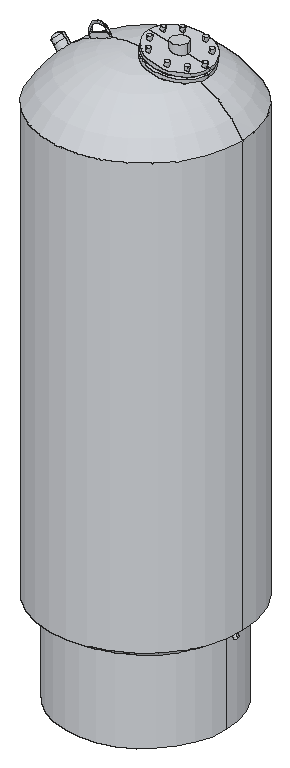
Revit family "TXA-1400", category Mechanical Equipment, Revit 2014
Parameters (values of type "TXA-1400")
  VoidLength = 7 1/2"
  URL = "http://westank.com/"
  TankVolume = "370 Gallons"
  SystemConnectionAngle = 50.00°
  PartNumber = "20011400"
  OuterRadius = 15"
  Model = "TXA-1400"
  MaximumOperatingTemperature = "240°F"
  MaximumOperatingPressure = "150 PSIG"
  Manufacturer = "Wessels Company"
  InnerRadius = 14.766"
  HandleAngle = 120.00°
  G = 8"
  F = 30"
  E = 7.9997"
  DrainAngle = 63.00°
  C = 3"
  BottomOfTheCylinder = 6.11811"
  B = 110 1/2"
  ApproximateShipmentWeight = "980 lbs"
  Angle = 35.00°
  A = 36"
Reference planes (in)
  plane 1 "Center (Front/Back)": y = 0
  plane 2: z = 0
  plane 3 "Center (Left/Right)": x = 0
  plane 4: x = -18
  plane 5: y = 1.9685
  plane 6: y = -1.9685
  plane 7: z = 110.5
  plane 8: x = 18
  plane 9: y = 0.15626
  plane 10: y = -0.15626
  plane 11: x = -18
  plane 12: x = 18
  plane 13: x = -15
  plane 14: x = 15
  plane 15: y = 0
  plane 16: y = 8.22887
  plane 17: y = -8.22887
  plane 18: through (0.00466, -180, 75.19677) normal (-0.9999, 0, -0.0139)
  plane 19: z = 8
  plane 20: z = 106.86806
  plane 21: z = 96.58887
  plane 22: z = 95.58887
  plane 23: y = 0.25884
  plane 24: z = 96.08887
  plane 25: through (11.47194, -180, 14.54105) normal (-0.4848, 0, 0.8746)
Forms (in)
  Revolve 1, solid
    sketch origin (0, 0, -5.125) x (1, 0, 0) y (0, 0, 1)
      loop
        arc (0, 111.99306) -> (-10.26029, 110.18744) -> (-18, 103.21387) r 18.87587
        line (-18, 103.21387) -> (-18, 22.49834)
        arc (-18, 22.49834) -> (-9.46773, 18.31363) -> (0, 17.49306) r 25.86401
        line (0, 17.49306) -> (0, 111.99306)
      axis (0, 111.99306) -> (0, 17.49306)
    angle from 0 to 360
  Extrusion 2, solid
    sketch origin (0, 0, 0) x (1, 0, 0) y (0, 1, 0)
      loop
        circle (0, 0) r 15
      loop
        circle (0, 0) r 14.766
    from 19.49834 to 0
  Revolve 3, solid
    sketch origin (11.35056, 0, 89.15812) x (-0.642788, 0, 0.766044) y (-0.766044, 0, -0.642788)
      loop
        line (26.23308, 11.9281) -> (26.23308, 10.83971) -> (27.73948, 10.83971) -> (27.73948, 10.87268) -> (28.54762, 10.87268)
        arc (28.54762, 10.87268) -> (28.89286, 11.34406) -> (28.90977, 11.9281) r 0.9835
        line (28.90977, 11.9281) -> (26.23308, 11.9281)
      axis (26.23308, 11.9281) -> (28.90977, 11.9281)
    angle from 0 to 360
  Sweep 4, solid
    path origin (-11.3452, 0, 77.3701) x (-0.332039, 0, 0.943266) y (-0.943266, 0, -0.332039)
      loop
        arc (26.58882, -10.75157) -> (28.33882, -12.50157) -> (26.58882, -14.25157) r 1.75
    profile origin (-8.96247, 0, 108.25214) x (-0.332039, 0, 0.943266) y (0, -1, 0)
      loop
        circle (0, 0) r 0.15625
  Extrusion 5, solid
    sketch origin (-9.72651, 0, 72.77168) x (-0.332039, 0, 0.943266) y (-0.943266, 0, -0.332039)
      loop
        line (31.46382, -10.59596) -> (30.48684, -10.59596) -> (30.48684, -14.41107) -> (31.46382, -14.41107) -> (31.46382, -10.59596)
    from 0.15626 to -0.15626
  Sweep 6, solid
    path origin (-12.625, 0, 56.08927) x (-1, 0, 0) y (0, 0, -1)
      loop
        arc (6.10198, -10.25) -> (7.85198, -12) -> (6.10198, -13.75) r 1.75
    profile origin (-20.47698, 0, 68.08927) x (-1, 0, 0) y (0, -1, 0)
      loop
        circle (0, 0) r 0.15625
  Extrusion 7, solid
    sketch origin (-7.75, 0, 56.08927) x (-1, 0, 0) y (0, 0, -1)
      loop
        line (10.97698, -10.09439) -> (10, -10.09439) -> (10, -13.9095) -> (10.97698, -13.9095) -> (10.97698, -10.09439)
    from 0.15626 to -0.15626
  Extrusion 8, solid
    sketch origin (0, 0, 0) x (0, 1, 0) y (0, 0, 1)
      loop
        circle (0, 96.08887) r 0.5
    from -17.65104 to -19.22575
  Revolve 9, solid
    sketch origin (3.90675, 0, 97.79226) x (0.207688, 0, 0.978195) y (-0.978195, 0, 0.207688)
      loop
        line (11.53359, 0) -> (7.79343, 0) -> (7.79343, -3.1338)
        arc (7.79343, -3.1338) -> (8.77769, -2.90837) -> (9.76194, -3.1338) r 2.26145
        line (9.76194, -3.1338) -> (9.76194, -5.73442) -> (10.35249, -5.73442) -> (10.35249, -5.11813) -> (10.94304, -5.11813) -> (10.94304, -5.73442) -> (11.53359, -5.73442) -> (11.53359, 0)
      axis (7.79343, 0) -> (11.53359, 0)
    angle from 0 to 360
  Extrusion 10, solid
    sketch origin (7.34548, -2.56268, 108.84902) x (0.978205, 0, -0.207641) y (-0.000005, 1, -0.000023)
      loop
        circle (-3.74768, 6.40672) r 0.3937
    from 0.59055 to -2.3622
  Extrusion 11, solid
    sketch origin (3.98257, -1.44481, 109.56302) x (0.148816, -0.988362, -0.031547) y (0.966806, 0.152123, -0.205294)
      loop
        circle (-3.74768, 6.40672) r 0.3937
    from 0.59055 to -2.3622
  Extrusion 12, solid
    sketch origin (4.55176, 2.1231, 109.44217) x (-0.932911, -0.300705, 0.198123) y (0.294144, -0.953717, -0.062476)
      loop
        circle (-3.74768, 6.40672) r 0.3937
    from 0.59055 to -2.3622
  Extrusion 13, solid
    sketch origin (8.9889, 0.39774, 108.50009) x (0.242865, 0.968691, -0.051515) y (-0.947574, 0.248268, 0.201162)
      loop
        circle (-3.74768, 6.40672) r 0.3937
    from 0.59055 to -2.3622
  Extrusion 14, solid
    sketch origin (6.43623, 0, 129.53929) x (1, 0, 0) y (0, 1, 0)
      loop
        circle (-0.14143, 0) r 1.5
    from -20.98349 to -19.03929
  Extrusion 15, solid
    sketch origin (5.51135, -4.75017, 109.2384) x (0.978205, 0, -0.207641) y (-0.000005, 1, -0.000023)
      loop
        circle (-3.74768, 6.40672) r 0.3937
    from 0.59055 to -2.3622
  Extrusion 16, solid
    sketch origin (1.58866, 0.07561, 110.07125) x (0.148816, -0.988362, -0.031547) y (0.966806, 0.152123, -0.205294)
      loop
        circle (-3.74768, 6.40672) r 0.3937
    from 0.59055 to -2.3622
  Extrusion 17, solid
    sketch origin (5.65754, 4.77317, 109.20736) x (-0.932911, -0.300705, 0.198123) y (0.294144, -0.953717, -0.062476)
      loop
        circle (-3.74768, 6.40672) r 0.3937
    from 0.59055 to -2.3622
  Extrusion 18, solid
    sketch origin (10.60633, -1.96165, 108.15664) x (0.242865, 0.968691, -0.051515) y (-0.947574, 0.248268, 0.201162)
      loop
        circle (-3.74768, 6.40672) r 0.3937
    from 0.59055 to -2.3622
  Extrusion 19, solid
    sketch origin (14.45801, -2.39911, 107.33899) x (0.242865, 0.968691, -0.051515) y (-0.947574, 0.248268, 0.201162)
      loop
        circle (-3.74768, 6.40672) r 0.3937
    from 0.59055 to -2.3622
Cuts and joins
  joined: Revolve 1, Extrusion 2, Revolve 3, Extrusion 5, Extrusion 7, Revolve 9, Extrusion 14
Dimensions and locks (in)
  equal spacing: plane 5, plane 1 "Center (Front/Back)", plane 6
  "B": plane 7 to level
  equal spacing: plane 8, plane 3 "Center (Left/Right)", plane 4
  "A": plane 8 to plane 4
  plane 9 to plane 10 = 0.31252"
  equal spacing: plane 14, plane 3 "Center (Left/Right)", plane 13
  "F": plane 14 to plane 13
  locked: Revolve 3 sketch curve to Revolve 3 sketch curve at 0.03297
  equal spacing: plane 16, plane 15, plane 17
  locked: Extrusion 8 sketch curve to plane 15 at 0
  locked: Revolve 9 sketch curve to Revolve 9 sketch curve at 0.59055  (x3)
  locked: Revolve 9 sketch curve to Revolve 9 sketch curve at 1.9685
  locked: Extrusion 14 sketch curve to plane 1 "Center (Front/Back)" at 0
  "G": plane 19 to cut or joined group of Revolve 1, Extrusion 2, Revolve 3, Extrusion 5, Extrusion 7, Revolve 9, Extrusion 14
  locked: plane 7 to plane 20 at 3.63194
  locked: plane 7 to Revolve 1 sketch curve at 12.41113
  locked: plane 21 to plane 22 at 1
  Revolve 1 to plane 24 = 2"
  "OuterRadius": radius of Extrusion 2 sketch curve
  "InnerRadius": radius of Extrusion 2 sketch curve
  "C": diameter of Extrusion 14 sketch curve
  aligned and locked: level to plane 2
  aligned and locked: Extrusion 2 to level
  aligned and locked: plane 4 to Revolve 1 sketch curve
  aligned and locked: Revolve 3 sketch curve to Revolve 3 sketch curve
  aligned and locked: Extrusion 5 sketch curve to Sweep 4
  aligned and locked: Extrusion 5 to plane 10
  aligned and locked: plane 9 to Extrusion 5
  aligned and locked: Extrusion 7 sketch curve to Sweep 6
  aligned and locked: Revolve 9 sketch curve to Revolve 9 sketch curve
  aligned and locked: plane 20 to Revolve 1 sketch curve
  aligned and locked: plane 7 to cut or joined group of Revolve 1, Extrusion 2, Revolve 3, Extrusion 5, Extrusion 7, Revolve 9, Extrusion 14
  aligned and locked: plane 15 to nested 1
Automatic sketch dimensions
  Revolve 1 sketch curve to plane 3 "Center (Left/Right)" = 0"  (x2)
  Revolve 1 sketch curve to plane 3 "Center (Left/Right)" = 2.5386"
  Revolve 1 sketch curve to plane 3 "Center (Left/Right)" = 1.98565"
  plane 19 to Revolve 1 sketch curve = 4.36806"
  Revolve 1 sketch curve to Revolve 1 sketch curve = 5.00528"
  Revolve 1 sketch curve to Revolve 1 sketch curve = 11.96462"
  Sweep 6 sketch curve to plane 4 = 0.72698"
  Sweep 6 sketch curve to Sweep 6 sketch curve = 1 3/4"
  Sweep 6 sketch curve to profile plane = 0"
  profile plane to Sweep 6 sketch curve = 0"
  plane 4 to Extrusion 7 sketch curve = 1/4"
  Extrusion 7 sketch curve to Extrusion 7 sketch curve = 3.81511"
  Revolve 1 sketch curve to plane 22 = 0.4938"
  plane 22 to Sweep 6 sketch curve = 27.4996"
  plane 22 to Extrusion 7 sketch curve = 25.5901"
  plane 21 to Extrusion 8 sketch curve = 1/2"
  Extrusion 2 sketch curve to Extrusion 2 sketch curve = 0"  (x2)
  plane 1 "Center (Front/Back)" to Extrusion 2 sketch curve = 0"
  Extrusion 2 sketch curve to plane 3 "Center (Left/Right)" = 0"
  Sweep 4 sketch curve to plane 7 = 3.89857"
  plane 13 to Sweep 4 sketch curve = 6.61859"
  Sweep 4 sketch curve to Sweep 4 sketch curve = 1 3/4"
  Sweep 4 sketch curve to profile plane = 0"
  profile plane to Sweep 4 sketch curve = 0"
  Extrusion 5 sketch curve to Extrusion 5 sketch curve = 0.97698"
  Extrusion 5 sketch curve to plane 7 = 3.26455"
  Extrusion 5 sketch curve to Extrusion 5 sketch curve = 3.81511"
  plane 13 to Revolve 3 sketch curve = 0.3508"
  Revolve 3 sketch curve to plane 21 = 4.99771"
  Revolve 3 sketch curve to Revolve 3 sketch curve = 1.5064"
  Revolve 3 sketch curve to Revolve 3 sketch curve = 0"
  Revolve 3 sketch curve to Revolve 3 sketch curve = 0.22312"
  Revolve 3 sketch curve to Revolve 3 sketch curve = 0.80814"
  Revolve 3 sketch curve to Revolve 3 sketch curve = 0.94717"
  Revolve 3 sketch curve to Revolve 3 sketch curve = 0.26484"
  Revolve 3 sketch curve to Revolve 3 sketch curve = 5.44847"
  Revolve 3 sketch curve to Revolve 3 sketch curve = 0.07201"
  Revolve 9 sketch curve to plane 7 = 5.08424"
  Revolve 9 sketch curve to Revolve 9 sketch curve = 0.98425"
  Revolve 9 sketch curve to Revolve 9 sketch curve = 3.1338"
  Revolve 9 sketch curve to Revolve 9 sketch curve = 1.98434"
  Revolve 9 sketch curve to Revolve 9 sketch curve = 0.05169"
  Revolve 9 sketch curve to Revolve 9 sketch curve = 0.61629"
  Revolve 9 sketch curve to Revolve 9 sketch curve = 19.38704"
  Revolve 9 sketch curve to Revolve 9 sketch curve = 0.1272"
  Revolve 9 sketch curve to Revolve 9 sketch curve = 0"
  plane 3 "Center (Left/Right)" to Extrusion 14 sketch curve = 6.29479"
  plane 3 "Center (Left/Right)" to Revolve 9 sketch curve = 5.52535"
  radius of Extrusion 10 sketch curve = 0.3937"
  radius of Extrusion 11 sketch curve = 0.3937"
  radius of Extrusion 12 sketch curve = 0.3937"
  radius of Extrusion 13 sketch curve = 0.3937"
  radius of Sweep 6 sketch curve = 5/32"
  radius of Extrusion 8 sketch curve = 1/2"
  radius of Sweep 4 sketch curve = 5/32"
  radius of Extrusion 15 sketch curve = 0.3937"  (x2)
  radius of Extrusion 16 sketch curve = 0.3937"  (x2)
  radius of Extrusion 17 sketch curve = 0.3937"  (x2)
  radius of Extrusion 18 sketch curve = 0.3937"
  radius of Extrusion 19 sketch curve = 0.3937"
Nested families (in)
  nested 1: "BottomExtrusion" at (16.00377, 0, 17.05309) x (-0.8746, 0, -0.4848) z (-0.4848, 0, 0.8746), type "BottomExtrusion"
    with ExtrusionHeight 1.56584", EctrusionWidth 3/4"
Connectors (in)
  piping at (6.29479, 0, 110.5), diameter 3, driven by "C"
    settings: on cut or joined group of Revolve 1, Extrusion 2, Revolve 3, Extrusion 5, Extrusion 7, Revolve 9, Extrusion 14, index 1, connector inside diameter 24", connector length 0", flow factor 0, pipe flow 0 GPM, pressure drop 0.00 psi, fitting loss kfactor 0, connector angle 0.00°, fixture units 0, engagement length 0", angle of deflection 0.00°, flow configuration 0, flow direction 0, fitting loss method 0, system type 7, joint type 0, gender type 0, connector reference index -1, connector utility 0, adjustable connector no, is connector primary yes, connector description ""
Definition of nested family "BottomExtrusion"
  Parameters (values of type "BottomExtrusion")
    ExtrusionHeight [instance] = 1.56584"
    EctrusionWidth [instance] = 3/4"
    Default Elevation = 48"
  Reference planes (in)
    plane 1 "Center (Front/Back)": y = 0
    plane 2: z = 0
    plane 3 "Center (Left/Right)": x = 0
    plane 4: x = -0.375
    plane 5: x = 0.375
    plane 6: z = 0.62834
    plane 7: z = -1.56584
  Forms (in)
    Extrusion 1, solid
      sketch origin (0, 0, 0) x (1, 0, 0) y (0, 1, 0)
        loop
          line (-48, 48) -> (-48, -48) -> (48, -48) -> (48, 48) -> (-48, 48)
      from 0 to -12
    Revolve 2, solid
      sketch origin (0, 0, 0) x (1, 0, 0) y (0, 0, 1)
        loop
          line (0, 0.62834) -> (0, -1.56584) -> (0.375, -1.56584) -> (0.375, 0.62834) -> (0, 0.62834)
        axis (0, 0.62834) -> (0, -1.56584)
      angle from 0 to 360
  Dimensions and locks (in)
    equal spacing: plane 5, plane 3 "Center (Left/Right)", plane 4
    "EctrusionWidth": plane 5 to plane 4
    "ExtrusionHeight": plane 2 to plane 7
    aligned and locked: plane 2 to Extrusion 1
    aligned and locked: level to Extrusion 1
    aligned and locked: Revolve 2 sketch curve to plane 3 "Center (Left/Right)"
    aligned and locked: Revolve 2 sketch curve to plane 6
    aligned and locked: plane 7 to Revolve 2 sketch curve
  Automatic sketch dimensions
    Extrusion 1 sketch curve to Extrusion 1 sketch curve = 96"  (x2)
    Revolve 2 sketch curve to plane 3 "Center (Left/Right)" = 0"
    Revolve 2 sketch curve to plane 5 = 0"
    Revolve 2 sketch curve to Revolve 2 sketch curve = 23.28881"
    Revolve 2 sketch curve to Revolve 2 sketch curve = 101.27798"
